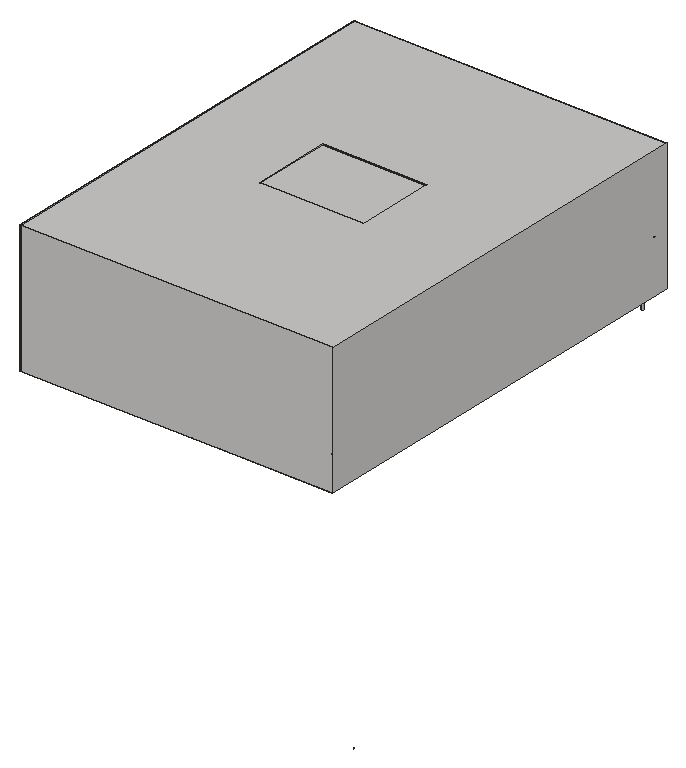
Revit family "QF_ELECTROLUXPROFESSIONAL_640278_VAP1612", category Specialty Equipment, Revit 2014
Reference planes
  plane 1: z = 0
  plane 2 "Center (Left/Right)": x = 150
  plane 3 "LEFT": x = -450
  plane 4 "RIGHT": x = 750
  plane 5 "BACK": y = 550
  plane 6 "TOP": z = 2500
  plane 7 "Base": z = 2000
  plane 8: z = 1970
  plane 9 "DrainY": y = 450
  plane 10: x = -447
  plane 11 "DrainX": x = 737
  plane 12 "AOLeft2": x = 350
  plane 13: x = 747
  plane 14: x = -250
  plane 15: x = 550
  plane 16: x = 50
  plane 17: x = 250
  plane 18 "Center (Front/Back)": y = -250
  plane 19 "Front": y = -1050
  plane 20 "AOLeft1": x = -50
  plane 21: through (0, 550, 2133.855) normal (0, 0.5299, 0.848)
  plane 22: through (0, -1050, 2133.855) normal (0, 0.5299, -0.848)
  plane 23: y = -100
  plane 24: y = -400
Forms (mm)
  Extrusion 1, solid, material "QF_Finishes_Stainless Steel"
    sketch origin (-450, 0, 360) x (0, 1, 0) y (0, 0, 1)
      loop
        line (550, 1640) -> (550, 2140) -> (-1050, 2140) -> (-1050, 1640) -> (550, 1640)
    from 0 to 3
  Extrusion 2, solid, material "QF_Finishes_Stainless Steel"
    sketch origin (750, 0, 360) x (0, 1, 0) y (0, 0, 1)
      loop
        line (550, 1640) -> (550, 2140) -> (-1050, 2140) -> (-1050, 1640) -> (550, 1640)
    from 0 to -3
  Extrusion 3, solid, material "QF_Finishes_Stainless Steel"
    sketch origin (150, 0, 360) x (0, 1, 0) y (0, 0, 1)
      loop
        line (-1050, 2140) -> (-1050, 1640) -> (-1040, 1640) -> (-1040, 1640.8) -> (-1049.2, 1640.8) -> (-1049.2, 2139.19) -> (549.2, 2139.19) -> (549.2, 1640.8) -> (540, 1640.8) -> (540, 1640) -> (550, 1640) -> (550, 2140) -> (-1050, 2140)
    from -600 to 600
  Extrusion 4, solid, material "QF_Finishes_Stainless Steel"
    sketch origin (0, 0, 2000) x (0, 1, 0) y (-1, 0, 0)
      loop
        circle (450, -737) r 4.763
    from -30 to 0
  Extrusion 5, void
    sketch origin (0, 400, 2500) x (0, 1, 0) y (-1, 0, 0)
      loop
        line (-500, -350) -> (-500, 50) -> (-800, 50) -> (-800, -350) -> (-500, -350)
    from 0 to -10
  Extrusion 6, solid, material "QF_Finishes_Stainless Steel"
    sketch origin (0, 0, 0) x (1, 0, 0) y (0, 1, 0)
      loop
        line (-450, 550) -> (-450, 549) -> (-449, 549) -> (-449, 550) -> (-450, 550)
    from 0 to 1
  Extrusion 7, solid, material "QF_Finishes_Stainless Steel"
    sketch origin (150, 0, 360) x (0, 1, 0) y (0, 0, 1)
      loop
        line (503.5, 1837.574) -> (207.375, 2022.621) -> (192.198, 1998.364) -> (488.366, 1813.348) -> (503.5, 1837.574)
      loop
        line (-1003.5, 1837.574) -> (-988.366, 1813.348) -> (-692.198, 1998.364) -> (-707.375, 2022.621) -> (-1003.5, 1837.574)
    from -400 to -597
  Extrusion 8, solid, material "QF_Finishes_Stainless Steel"
    sketch origin (150, 0, 360) x (0, 1, 0) y (0, 0, 1)
      loop
        line (549.2, 1775.312) -> (472.742, 1823.075) -> (472.313, 1822.387) -> (549.2, 1774.355) -> (549.2, 1775.312)
      loop
        line (202.48, 1991.938) -> (126.212, 2039.602) -> (-626.212, 2039.602) -> (-702.48, 1991.938) -> (-702.062, 1991.27) -> (-626, 2038.801) -> (126, 2038.801) -> (202.063, 1991.27) -> (202.48, 1991.938)
      loop
        line (-1049.2, 1775.312) -> (-1049.2, 1774.355) -> (-972.312, 1822.387) -> (-972.742, 1823.075) -> (-1049.2, 1775.312)
    from -597 to 597
  Extrusion 9, solid, material "QF_Finishes_Stainless Steel"
    sketch origin (150, 0, 360) x (0, 1, 0) y (0, 0, 1)
      loop
        line (-707.375, 2022.621) -> (-1003.5, 1837.574) -> (-988.366, 1813.348) -> (-692.198, 1998.364) -> (-707.375, 2022.621)
      loop
        line (503.5, 1837.574) -> (207.375, 2022.621) -> (192.198, 1998.364) -> (488.366, 1813.348) -> (503.5, 1837.574)
    from 597 to 400
  Extrusion 10, solid, material "QF_Finishes_Stainless Steel"
    sketch origin (150, 0, 360) x (0, 1, 0) y (0, 0, 1)
      loop
        line (-707.375, 2022.621) -> (-1003.5, 1837.574) -> (-988.366, 1813.348) -> (-692.198, 1998.364) -> (-707.375, 2022.621)
      loop
        line (503.5, 1837.574) -> (207.375, 2022.621) -> (192.198, 1998.364) -> (488.366, 1813.348) -> (503.5, 1837.574)
    from -100 to 100
  Extrusion 11, solid, material "QF_Finished_Chrome"
    sketch origin (150, 0, 360) x (0, 1, 0) y (0, 0, 1)
      loop
        line (503.5, 1837.574) -> (207.375, 2022.621) -> (192.198, 1998.364) -> (488.366, 1813.348) -> (503.5, 1837.574)
      loop
        line (-707.375, 2022.621) -> (-1003.5, 1837.574) -> (-988.366, 1813.348) -> (-692.198, 1998.364) -> (-707.375, 2022.621)
    from -400 to -100
  Extrusion 12, solid, material "QF_Finished_Chrome"
    sketch origin (150, 0, 360) x (0, 1, 0) y (0, 0, 1)
      loop
        line (-707.375, 2022.621) -> (-1003.5, 1837.574) -> (-988.366, 1813.348) -> (-692.198, 1998.364) -> (-707.375, 2022.621)
      loop
        line (503.5, 1837.574) -> (207.375, 2022.621) -> (192.198, 1998.364) -> (488.366, 1813.348) -> (503.5, 1837.574)
    from 100 to 400
  Sweep 13, solid, material "QF_Finishes_Stainless Steel"
    path origin (0, 0, 0) x (1, 0, 0) y (0, 1, 0)
      loop
        line (750, 550) -> (-450, 550) -> (-450, -1050) -> (750, -1050) -> (750, 550)
    profile origin (750, -250, 0) x (1, 0, 0) y (0, 0, 1)
      loop
        line (-3, 2000) -> (-3, 2000.8) -> (-19, 2000.8) -> (-19, 2010) -> (-20, 2010) -> (-20, 2000) -> (-3, 2000)
Cuts and joins
  Extrusion 5 cuts Extrusion 3
  joined: Extrusion 2, Extrusion 3, Sweep 13
Lines and regions (mm)
  symbolic lines, style "SpecialityEquipment", detail levels coarse
    curve 1: line (750, 550, 2500) -> (-450, 550, 2500)
    curve 2: line (-450, 550, 2500) -> (-450, -1050.8, 2500)
    curve 3: line (750, -1050.8, 2500) -> (750, 550, 2500)
    curve 4: line (-450, 550, 0) -> (750, -1050, 0)
    curve 5: line (750, 550, 0) -> (-450, -1050, 0)
  symbolic lines, detail levels coarse
    curve 6: line (-450, -1050, 0) -> (750, -1050, 0)
    curve 7: line (-50, -100, 0) -> (350, -100, 0)
    curve 8: line (-50, -400, 0) -> (-50, -100, 0)
    curve 9: line (350, -400, 0) -> (-50, -400, 0)
    curve 10: line (350, -100, 0) -> (350, -400, 0)
Dimensions and locks
  plane 3 "LEFT" to plane 4 "RIGHT" = 1200 mm
  equal spacing: plane 3 "LEFT", plane 2 "Center (Left/Right)", plane 4 "RIGHT"
  plane 7 "Base" to plane 8 = 30 mm
  plane 5 "BACK" to plane 9 "DrainY" = 100 mm  (x2)
  plane 3 "LEFT" to plane 10 = 3 mm
  plane 11 "DrainX" to plane 4 "RIGHT" = 13 mm
  plane 13 to plane 4 "RIGHT" = 3 mm
  plane 3 "LEFT" to plane 14 = 200 mm
  plane 15 to plane 4 "RIGHT" = 200 mm
  locked: plane 7 "Base" to level at 2000
  locked: plane 6 "TOP" to plane 7 "Base" at 500
  locked: plane 16 to plane 17 at 200
  equal spacing: plane 16, plane 2 "Center (Left/Right)", plane 17
  plane 5 "BACK" to plane 19 "Front" = 1600 mm  (x2)
  equal spacing: plane 5 "BACK", plane 18 "Center (Front/Back)", plane 19 "Front"
  locked: plane 23 to plane 24 at 300
  equal spacing: plane 23, plane 18 "Center (Front/Back)", plane 24
  locked: plane 20 "AOLeft1" to plane 12 "AOLeft2" at 400
  equal spacing: plane 20 "AOLeft1", plane 2 "Center (Left/Right)", plane 12 "AOLeft2"
  aligned and locked: level to plane 1
  aligned and locked: plane 4 "RIGHT" to Extrusion 3
  aligned and locked: Extrusion 3 to plane 3 "LEFT"
  aligned and locked: Extrusion 7 to plane 10
  aligned and locked: Extrusion 7 to plane 14
  aligned and locked: Extrusion 2 to plane 13
  aligned and locked: plane 13 to Extrusion 9
  aligned and locked: plane 15 to Extrusion 9
  aligned and locked: Extrusion 10 to plane 17
  aligned and locked: Extrusion 10 to plane 16
  aligned and locked: Extrusion 11 to plane 16
  aligned and locked: Extrusion 11 to plane 14
  aligned and locked: Extrusion 12 to plane 17
  aligned and locked: Extrusion 12 to plane 15
  aligned and locked: Extrusion 8 to plane 10
  aligned and locked: Extrusion 8 to plane 13
  aligned and locked: Extrusion 1 to plane 19 "Front"
  aligned and locked: Extrusion 5 to plane 20 "AOLeft1"
  aligned and locked: Extrusion 5 to plane 12 "AOLeft2"
  aligned and locked: plane 23 to Extrusion 5 sketch curve
  aligned and locked: Extrusion 5 sketch curve to plane 24
Automatic sketch dimensions
  curve 2 to plane 3 "LEFT" = 0 mm
  curve 3 to plane 4 "RIGHT" = 0 mm
  curve 2 to plane 5 "BACK" = 0 mm
  curve 3 to plane 19 "Front" = 0.8 mm
  curve 2 to plane 19 "Front" = 0.8 mm
  Extrusion 1 sketch curve to plane 7 "Base" = 0 mm
  Extrusion 1 sketch curve to plane 19 "Front" = 0 mm
  Extrusion 1 sketch curve to plane 5 "BACK" = 0 mm
  Extrusion 1 sketch curve to plane 6 "TOP" = 0 mm
  Extrusion 2 sketch curve to plane 7 "Base" = 0 mm
  Extrusion 2 sketch curve to plane 19 "Front" = 0 mm
  Extrusion 2 sketch curve to plane 5 "BACK" = 0 mm
  Extrusion 2 sketch curve to plane 6 "TOP" = 0 mm
  Extrusion 3 sketch curve to plane 6 "TOP" = 0 mm
  Extrusion 3 sketch curve to plane 19 "Front" = 0 mm
  Extrusion 3 sketch curve to plane 7 "Base" = 0 mm  (x2)
  Extrusion 3 sketch curve to plane 5 "BACK" = 0 mm
  plane 19 "Front" to Extrusion 3 sketch curve = 0.8 mm
  Extrusion 3 sketch curve to Extrusion 3 sketch curve = 9.2 mm
  plane 7 "Base" to Extrusion 3 sketch curve = 0.8 mm  (x2)
  Extrusion 3 sketch curve to plane 5 "BACK" = 10 mm
  Extrusion 3 sketch curve to plane 5 "BACK" = 0.8 mm
  Extrusion 3 sketch curve to plane 6 "TOP" = 0.81 mm
  Extrusion 4 sketch curve to plane 9 "DrainY" = 0 mm
  Extrusion 4 sketch curve to plane 11 "DrainX" = 0 mm
  Extrusion 5 sketch curve to plane 12 "AOLeft2" = 0 mm
  Extrusion 5 sketch curve to plane 20 "AOLeft1" = 0 mm
  Extrusion 6 sketch curve to plane 3 "LEFT" = 0 mm
  Extrusion 6 sketch curve to plane 5 "BACK" = 0 mm
  plane 3 "LEFT" to Extrusion 6 sketch curve = 1 mm
  Extrusion 6 sketch curve to Extrusion 6 sketch curve = 1 mm
  Sweep 13 sketch curve to plane 3 "LEFT" = 0 mm
  Sweep 13 sketch curve to plane 4 "RIGHT" = 0 mm
  Sweep 13 sketch curve to plane 19 "Front" = 0 mm
  Sweep 13 sketch curve to plane 5 "BACK" = 0 mm
  profile plane to Sweep 13 sketch curve = 20 mm
  Sweep 13 sketch curve to Sweep 13 sketch curve = 1 mm
  profile plane to Sweep 13 sketch curve = 3 mm
  level to Sweep 13 sketch curve = 2000 mm
  Sweep 13 sketch curve to Sweep 13 sketch curve = 0.8 mm
  Sweep 13 sketch curve to Sweep 13 sketch curve = 9.2 mm
  plane 19 "Front" to Extrusion 8 sketch curve = 0.8 mm
  Extrusion 8 sketch curve to Extrusion 8 sketch curve = 0.43 mm  (x2)
  Extrusion 8 sketch curve to Extrusion 8 sketch curve = 0.418 mm  (x2)
  Extrusion 8 sketch curve to plane 9 "DrainY" = 324 mm
  Extrusion 8 sketch curve to plane 6 "TOP" = 100.398 mm
  Extrusion 8 sketch curve to Extrusion 8 sketch curve = 0.212 mm  (x2)
  Extrusion 8 sketch curve to Extrusion 8 sketch curve = 76.063 mm
  Extrusion 8 sketch curve to plane 6 "TOP" = 148.062 mm
  plane 9 "DrainY" to Extrusion 8 sketch curve = 22.313 mm
  Extrusion 8 sketch curve to plane 5 "BACK" = 0.8 mm
  plane 7 "Base" to Extrusion 8 sketch curve = 134.355 mm  (x2)
  Extrusion 8 sketch curve to Extrusion 8 sketch curve = 0.957 mm  (x2)
  Extrusion 8 sketch curve to Extrusion 8 sketch curve = 0.669 mm
  Extrusion 8 sketch curve to Extrusion 8 sketch curve = 76.268 mm
  Extrusion 8 sketch curve to Extrusion 8 sketch curve = 0.801 mm
  Extrusion 7 sketch curve to plane 9 "DrainY" = 257.802 mm
  Extrusion 7 sketch curve to plane 6 "TOP" = 117.379 mm
  Extrusion 7 sketch curve to Extrusion 7 sketch curve = 15.177 mm  (x2)
  plane 9 "DrainY" to Extrusion 7 sketch curve = 38.366 mm
  Extrusion 7 sketch curve to Extrusion 7 sketch curve = 15.134 mm
  plane 7 "Base" to Extrusion 7 sketch curve = 173.348 mm  (x2)
  Extrusion 7 sketch curve to Extrusion 7 sketch curve = 24.226 mm  (x2)
  Extrusion 7 sketch curve to Extrusion 7 sketch curve = 24.257 mm
  Extrusion 11 sketch curve to plane 5 "BACK" = 46.5 mm
  plane 7 "Base" to Extrusion 11 sketch curve = 197.574 mm
  Extrusion 11 sketch curve to Extrusion 11 sketch curve = 15.134 mm  (x2)
  Extrusion 11 sketch curve to plane 6 "TOP" = 117.379 mm
  Extrusion 11 sketch curve to Extrusion 11 sketch curve = 24.226 mm  (x2)
  Extrusion 11 sketch curve to Extrusion 11 sketch curve = 15.177 mm  (x2)
  Extrusion 11 sketch curve to Extrusion 11 sketch curve = 24.257 mm  (x2)
  Extrusion 11 sketch curve to plane 6 "TOP" = 141.636 mm
  Extrusion 10 sketch curve to plane 6 "TOP" = 117.379 mm  (x2)
  Extrusion 10 sketch curve to Extrusion 10 sketch curve = 24.257 mm  (x2)
  Extrusion 10 sketch curve to Extrusion 10 sketch curve = 24.226 mm  (x2)
  Extrusion 10 sketch curve to Extrusion 10 sketch curve = 15.177 mm  (x2)
  plane 9 "DrainY" to Extrusion 10 sketch curve = 38.366 mm
  Extrusion 10 sketch curve to Extrusion 10 sketch curve = 15.134 mm  (x2)
  plane 7 "Base" to Extrusion 10 sketch curve = 173.348 mm
  Extrusion 12 sketch curve to plane 6 "TOP" = 117.379 mm
  Extrusion 12 sketch curve to Extrusion 12 sketch curve = 15.177 mm  (x2)
  Extrusion 12 sketch curve to Extrusion 12 sketch curve = 24.257 mm  (x2)
  Extrusion 12 sketch curve to plane 6 "TOP" = 141.636 mm
  plane 7 "Base" to Extrusion 12 sketch curve = 197.574 mm  (x2)
  Extrusion 12 sketch curve to plane 9 "DrainY" = 257.802 mm
  plane 9 "DrainY" to Extrusion 12 sketch curve = 38.366 mm
  Extrusion 12 sketch curve to Extrusion 12 sketch curve = 15.134 mm  (x2)
  Extrusion 9 sketch curve to plane 6 "TOP" = 117.379 mm  (x2)
  Extrusion 9 sketch curve to Extrusion 9 sketch curve = 24.257 mm  (x2)
  Extrusion 9 sketch curve to Extrusion 9 sketch curve = 24.226 mm  (x2)
  Extrusion 9 sketch curve to plane 5 "BACK" = 46.5 mm
  plane 7 "Base" to Extrusion 9 sketch curve = 197.574 mm
  Extrusion 9 sketch curve to Extrusion 9 sketch curve = 15.134 mm  (x2)
  Extrusion 9 sketch curve to Extrusion 9 sketch curve = 15.177 mm  (x2)
  Extrusion 7 sketch curve to plane 6 "TOP" = 141.636 mm
  plane 19 "Front" to Extrusion 7 sketch curve = 357.802 mm
  plane 19 "Front" to Extrusion 7 sketch curve = 61.634 mm
  plane 19 "Front" to Extrusion 8 sketch curve = 77.258 mm
  Extrusion 8 sketch curve to Extrusion 8 sketch curve = 270.262 mm
  plane 19 "Front" to Extrusion 9 sketch curve = 357.802 mm
  plane 19 "Front" to Extrusion 9 sketch curve = 61.634 mm
  plane 19 "Front" to Extrusion 10 sketch curve = 357.802 mm
  plane 19 "Front" to Extrusion 10 sketch curve = 61.634 mm
  plane 19 "Front" to Extrusion 11 sketch curve = 357.802 mm
  plane 19 "Front" to Extrusion 11 sketch curve = 61.634 mm
  plane 19 "Front" to Extrusion 12 sketch curve = 357.802 mm
  plane 19 "Front" to Extrusion 12 sketch curve = 61.634 mm
  curve 6 to plane 3 "LEFT" = 0 mm
  curve 4 to plane 3 "LEFT" = 0 mm
  curve 9 to plane 20 "AOLeft1" = 0 mm
  curve 10 to plane 12 "AOLeft2" = 0 mm
  curve 4 to plane 4 "RIGHT" = 0 mm
  curve 5 to plane 4 "RIGHT" = 0 mm
  curve 4 to plane 19 "Front" = 0 mm
  curve 9 to plane 24 = 0 mm
  curve 8 to plane 23 = 0 mm
  curve 4 to plane 5 "BACK" = 0 mm
  curve 5 to plane 5 "BACK" = 0 mm
  radius of Extrusion 4 sketch curve = 4.763 mm
Connectors
  piping at (737, 450, 1970), diameter 9.5
    settings: on Extrusion 4, index 1, connector inside diameter 609.6 mm, connector length 0 mm, flow factor 0, pipe flow 0.0 L/s, pressure drop 0.0 Pa, fitting loss kfactor 0, connector angle 0.00°, fixture units 0, engagement length 0 mm, angle of deflection 0.00°, flow configuration 1, flow direction 2, fitting loss method 0, system type 16, joint type 0, gender type 0, connector reference index -1, connector utility 0, adjustable connector no, is connector primary yes, connector description "Drain"
  hvac at (150, -250, 2500)
    settings: on Extrusion 5, index 2, duct flow 0.0 L/s, flow factor 0, pres drop 0.0 Pa, loss coef 0, conn angle 0.00°, conn width 300 mm, conn height 400 mm, conn diameter 609.6 mm, duct sys type 3, conn prof type 1, flow config 1, flow direction 2, loss method 0, conn ref index -1, conn util no, is conn primary yes, conn desc "EXHAUST OUTLET"
